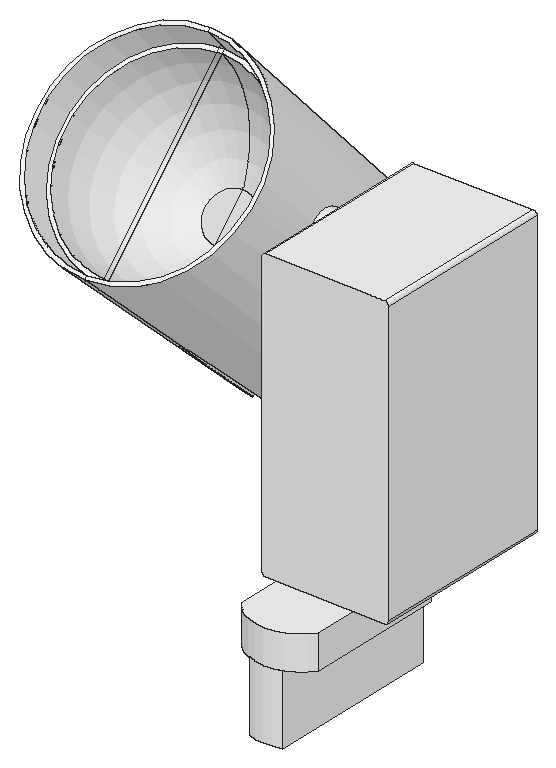
Revit family "0004931 Feilo Sylvania Lighting Fixture START TRACK SPOT S DALI 1359LM 940 MB WHT", category Lighting Fixtures, host Face, Revit 2017 (continued)
Definition of nested family "Start Track Spot Head"
  Types (96, lengths in mm): name | Wattage | built-in parameter 1150134 | Photometric Web File | Model | built-in parameter 1150105 | Lumens | built-in parameter 1150107 | built-in parameter 1150106 | HeadThickness_FEILO | HeadRibOffset_FEILO | HeadRibDepth_FEILO | HeadRibCutWidth_FEILO | HeadRibCutOffset_FEILO | HeadReflectorRadius_FEILO | HeadReflectorOffset_FEILO | HeadLEDRadius_FEILO | HeadHeight_FEILO | HeadDiffusorOffset_FEILO | HeadDiaOut_FEILO | HeadDiaIn_FEILO | HeadAxisFromTop_FEILO | Emit from Circle Diameter | built-in parameter 1150104 | Description | Apparent Load
    0004864 START TRACK SPOT S 24W 3K RA90 WB WHITE | 24 W | (empty or 0) | "0004864.ies" | "START TRACK SPOT S 24W 3K RA90 WB WHITE" | 152.79 (stored number, unit not read) | 1920 lm | 3000 (stored number, unit not read) | 1.5279 (stored number, unit not read) | 1.5 | 4.179 | 55.714 | 7.167 | 50.87 | 50.588 | 55.714 | 9.556 | 117 | 9.435 | 86 | 77.477 | 69.354 | 77.477 | 7.4322 (stored number, unit not read) | "Integrated LED spotlight, Textured White - RAL9016, compact and minimalist design, ideal for retail applications, die-cast aluminium body, passive cooling heatsink. Beam angle: 64°, color temperature: 3000K , total system power: 24W, total fixture output: 1928 lm, LOR: 100%, colour rendering: Ra: 90 typical, LED Chromaticity: 3 step MacAdam ellipse, lifetime: >50000 hours at L70B50, energy class: A++, A+, A, IR/UV free light source without heat radiation, operating voltage: 220-240V / 50-60Hz, drive current: 600mA, electronic driver, non-dimmable, power factor: 0.95, electrical protection: Class II, Global Track 3 Phase adapter suitable for Global trac 3-circuit tracks, ingress protection rating: IP20, suitable for internal environment only, horizontal rotation: 355°, vertical tilt: 90°, dimensions: Ø86x140x200, weight: 0.966kg." | 24 VA
    0004863 START TRACK SPOT S 24W 3K RA90 MB WHITE | 24 W | (empty or 0) | "0004863.ies" | "START TRACK SPOT S 24W 3K RA90 MB WHITE" | 154.7 (stored number, unit not read) | 1944 lm | 3000 (stored number, unit not read) | 1.547 (stored number, unit not read) | 1.5 | 4.179 | 55.714 | 7.167 | 50.87 | 50.588 | 55.714 | 9.556 | 117 | 9.435 | 86 | 77.477 | 69.354 | 77.477 | 7.5251 (stored number, unit not read) | "Integrated LED spotlight, Textured White - RAL9016, compact and minimalist design, ideal for retail applications, die-cast aluminium body, passive cooling heatsink. Beam angle: 36°, color temperature: 3000K , total system power: 24W, total fixture output: 1944 lm, LOR: 100%, colour rendering: Ra: 90 typical, LED Chromaticity: 3 step MacAdam ellipse, lifetime: >50000 hours at L70B50, energy class: A++, A+, A, IR/UV free light source without heat radiation, operating voltage: 220-240V / 50-60Hz, drive current: 600mA, electronic driver, non-dimmable, power factor: 0.95, electrical protection: Class II, Global Track 3 Phase adapter suitable for Global trac 3-circuit tracks, ingress protection rating: IP20, suitable for internal environment only, horizontal rotation: 355°, vertical tilt: 90°, dimensions: Ø86x140x200, weight: 0.966kg." | 24 VA
    0004862 START TRACK SPOT S 24W 3K RA90 NB WHITE | 24 W | (empty or 0) | "0004862.ies" | "START TRACK SPOT S 24W 3K RA90 NB WHITE" | 158.52 (stored number, unit not read) | 1992 lm | 3000 (stored number, unit not read) | 1.5852 (stored number, unit not read) | 1.5 | 4.179 | 55.714 | 7.167 | 50.87 | 50.588 | 55.714 | 9.556 | 117 | 9.435 | 86 | 77.477 | 69.354 | 77.477 | 7.711 (stored number, unit not read) | "Integrated LED spotlight, Textured White - RAL9016, compact and minimalist design, ideal for retail applications, die-cast aluminium body, passive cooling heatsink. Beam angle: 12°, color temperature: 3000K , total system power: 24W, total fixture output: 1987 lm, LOR: 100%, colour rendering: Ra: 90 typical, LED Chromaticity: 3 step MacAdam ellipse, lifetime: >50000 hours at L70B50, energy class: A++, A+, A, IR/UV free light source without heat radiation, operating voltage: 220-240V / 50-60Hz, drive current: 600mA, electronic driver, non-dimmable, power factor: 0.95, electrical protection: Class II, Global Track 3 Phase adapter suitable for Global trac 3-circuit tracks, ingress protection rating: IP20, suitable for internal environment only, horizontal rotation: 355°, vertical tilt: 90°, dimensions: Ø86x140x200, weight: 0.966kg." | 24 VA
    0004861 START TRACK SPOT S 14W 3K RA90 WB WHITE | 14 W | (empty or 0) | "0004861.ies" | "START TRACK SPOT S 14W 3K RA90 WB WHITE" | 100.27 (stored number, unit not read) | 1260 lm | 3000 (stored number, unit not read) | 1.0027 (stored number, unit not read) | 1.5 | 4.179 | 55.714 | 7.167 | 50.87 | 50.588 | 55.714 | 9.556 | 117 | 9.435 | 86 | 77.477 | 69.354 | 77.477 | 8.3613 (stored number, unit not read) | "Integrated LED spotlight, Textured White - RAL9016, compact and minimalist design, ideal for retail applications, die-cast aluminium body, passive cooling heatsink. Beam angle: 64°, color temperature: 3000K , total system power: 14W, total fixture output: 1262 lm, LOR: 100%, colour rendering: Ra: 90 typical, LED Chromaticity: 3 step MacAdam ellipse, lifetime: >50000 hours at L70B50, energy class: A++, A+, A, IR/UV free light source without heat radiation, operating voltage: 220-240V / 50-60Hz, drive current: 350mA, electronic driver, non-dimmable, power factor: 0.92, electrical protection: Class II, Global Track 3 Phase adapter suitable for Global trac 3-circuit tracks, ingress protection rating: IP20, suitable for internal environment only, horizontal rotation: 355°, vertical tilt: 90°, dimensions: Ø86x140x200, weight: 0.940kg." | 14 VA
    0004860 START TRACK SPOT S 14W 3K RA90 MB WHITE | 14 W | (empty or 0) | "0004860.ies" | "START TRACK SPOT S 14W 3K RA90 MB WHITE" | 100.27 (stored number, unit not read) | 1260 lm | 3000 (stored number, unit not read) | 1.0027 (stored number, unit not read) | 1.5 | 4.179 | 55.714 | 7.167 | 50.87 | 50.588 | 55.714 | 9.556 | 117 | 9.435 | 86 | 77.477 | 69.354 | 77.477 | 8.3613 (stored number, unit not read) | "Integrated LED spotlight, Textured White - RAL9016, compact and minimalist design, ideal for retail applications, die-cast aluminium body, passive cooling heatsink. Beam angle: 36°, color temperature: 3000K , total system power: 14W, total fixture output: 1262 lm, LOR: 100%, colour rendering: Ra: 90 typical, LED Chromaticity: 3 step MacAdam ellipse, lifetime: >50000 hours at L70B50, energy class: A++, A+, A, IR/UV free light source without heat radiation, operating voltage: 220-240V / 50-60Hz, drive current: 350mA, electronic driver, non-dimmable, power factor: 0.92, electrical protection: Class II, Global Track 3 Phase adapter suitable for Global trac 3-circuit tracks, ingress protection rating: IP20, suitable for internal environment only, horizontal rotation: 355°, vertical tilt: 90°, dimensions: Ø86x140x200, weight: 0.940kg." | 14 VA
    0004859 START TRACK SPOT S 14W 3K RA90 NB WHITE | 14 W | (empty or 0) | "0004859.ies" | "START TRACK SPOT S 14W 3K RA90 NB WHITE" | 102.5 (stored number, unit not read) | 1288 lm | 3000 (stored number, unit not read) | 1.025 (stored number, unit not read) | 1.5 | 4.179 | 55.714 | 7.167 | 50.87 | 50.588 | 55.714 | 9.556 | 117 | 9.435 | 86 | 77.477 | 69.354 | 77.477 | 8.5471 (stored number, unit not read) | "Integrated LED spotlight, Textured White - RAL9016, compact and minimalist design, ideal for retail applications, die-cast aluminium body, passive cooling heatsink. Beam angle: 12°, color temperature: 3000K , total system power: 14W, total fixture output: 1284 lm, LOR: 100%, colour rendering: Ra: 90 typical, LED Chromaticity: 3 step MacAdam ellipse, lifetime: >50000 hours at L70B50, energy class: A++, A+, A, IR/UV free light source without heat radiation, operating voltage: 220-240V / 50-60Hz, drive current: 350mA, electronic driver, non-dimmable, power factor: 0.92, electrical protection: Class II, Global Track 3 Phase adapter suitable for Global trac 3-circuit tracks, ingress protection rating: IP20, suitable for internal environment only, horizontal rotation: 355°, vertical tilt: 90°, dimensions: Ø86x140x200, weight: 0.940kg." | 14 VA
    0004858 START TRACK SPOT L 55W 4K RA80 WB BLACK | 55 W | 12 | "0004858.ies" | "START TRACK SPOT L 55W 4K RA80 WB BLACK" | 424.55 (stored number, unit not read) | 5335 lm | 4000 (stored number, unit not read) | 4.2455 (stored number, unit not read) | 2 | 4.429 | 59.048 | 9.417 | 53.913 | 66.471 | 59.048 | 12.556 | 124 | 10 | 113 | 101.802 | 73.503 | 101.802 | 9.0116 (stored number, unit not read) | "Integrated LED spotlight, Textured Black - RAL9005, compact and minimalist design, ideal for retail applications, die-cast aluminium body, passive cooling heatsink. Beam angle: 52°, color temperature: 4000K , total system power: 55W, total fixture output: 5320 lm, LOR: 100%, colour rendering: Ra: 80 typical, LED Chromaticity: 3 step MacAdam ellipse, lifetime: >50000 hours at L70B50, energy class: A++, A+, A, IR/UV free light source without heat radiation, operating voltage: 220-240V / 50-60Hz, drive current: 1400mA, electronic driver, non-dimmable, power factor: 0.96, electrical protection: Class II, Global Track 3 Phase adapter suitable for Global trac 3-circuit tracks, ingress protection rating: IP20, suitable for internal environment only, horizontal rotation: 355°, vertical tilt: 90°, dimensions: Ø113x164x240, weight: 1.398kg." | 55 VA
    0004857 START TRACK SPOT L 55W 4K RA80 MB BLACK | 55 W | 12 | "0004857.ies" | "START TRACK SPOT L 55W 4K RA80 MB BLACK" | 428.92 (stored number, unit not read) | 5390 lm | 4000 (stored number, unit not read) | 4.2892 (stored number, unit not read) | 2 | 4.429 | 59.048 | 9.417 | 53.913 | 66.471 | 59.048 | 12.556 | 124 | 10 | 113 | 101.802 | 73.503 | 101.802 | 9.1045 (stored number, unit not read) | "Integrated LED spotlight, Textured Black - RAL9005, compact and minimalist design, ideal for retail applications, die-cast aluminium body, passive cooling heatsink. Beam angle: 38°, color temperature: 4000K , total system power: 55W, total fixture output: 5378 lm, LOR: 100%, colour rendering: Ra: 80 typical, LED Chromaticity: 3 step MacAdam ellipse, lifetime: >50000 hours at L70B50, energy class: A++, A+, A, IR/UV free light source without heat radiation, operating voltage: 220-240V / 50-60Hz, drive current: 1400mA, electronic driver, non-dimmable, power factor: 0.96, electrical protection: Class II, Global Track 3 Phase adapter suitable for Global trac 3-circuit tracks, ingress protection rating: IP20, suitable for internal environment only, horizontal rotation: 355°, vertical tilt: 90°, dimensions: Ø113x164x240, weight: 1.398kg." | 55 VA
    0004856 START TRACK SPOT L 55W 4K RA80 NB BLACK | 55 W | 12 | "0004856.ies" | "START TRACK SPOT L 55W 4K RA80 NB BLACK" | 433.3 (stored number, unit not read) | 5445 lm | 4000 (stored number, unit not read) | 4.333 (stored number, unit not read) | 2 | 4.429 | 59.048 | 9.417 | 53.913 | 66.471 | 59.048 | 12.556 | 124 | 10 | 113 | 101.802 | 73.503 | 101.802 | 9.1974 (stored number, unit not read) | "Integrated LED spotlight, Textured Black - RAL9005, compact and minimalist design, ideal for retail applications, die-cast aluminium body, passive cooling heatsink. Beam angle: 15°, color temperature: 4000K , total system power: 55W, total fixture output: 5426 lm, LOR: 100%, colour rendering: Ra: 80 typical, LED Chromaticity: 3 step MacAdam ellipse, lifetime: >50000 hours at L70B50, energy class: A++, A+, A, IR/UV free light source without heat radiation, operating voltage: 220-240V / 50-60Hz, drive current: 1400mA, electronic driver, non-dimmable, power factor: 0.96, electrical protection: Class II, Global Track 3 Phase adapter suitable for Global trac 3-circuit tracks, ingress protection rating: IP20, suitable for internal environment only, horizontal rotation: 355°, vertical tilt: 90°, dimensions: Ø113x164x240, weight: 1.398kg." | 55 VA
    0004855 START TRACK SPOT L 35W 4K RA80 WB BLACK | 35 W | 12 | "0004855.ies" | "START TRACK SPOT L 35W 4K RA80 WB BLACK" | 320.3 (stored number, unit not read) | 4025 lm | 4000 (stored number, unit not read) | 3.203 (stored number, unit not read) | 2 | 4.429 | 59.048 | 9.417 | 53.913 | 66.471 | 59.048 | 12.556 | 124 | 10 | 113 | 101.802 | 73.503 | 101.802 | 10.684 (stored number, unit not read) | "Integrated LED spotlight, Textured Black - RAL9005, compact and minimalist design, ideal for retail applications, die-cast aluminium body, passive cooling heatsink. Beam angle: 52°, color temperature: 4000K , total system power: 35W, total fixture output: 4010 lm, LOR: 100%, colour rendering: Ra: 80 typical, LED Chromaticity: 3 step MacAdam ellipse, lifetime: >50000 hours at L70B50, energy class: A++, A+, A, IR/UV free light source without heat radiation, operating voltage: 220-240V / 50-60Hz, drive current: 900mA, electronic driver, non-dimmable, power factor: 0.93, electrical protection: Class II, Global Track 3 Phase adapter suitable for Global trac 3-circuit tracks, ingress protection rating: IP20, suitable for internal environment only, horizontal rotation: 355°, vertical tilt: 90°, dimensions: Ø113x164x240, weight: 1.368kg." | 35 VA
    0004854 START TRACK SPOT L 35W 4K RA80 MB BLACK | 35 W | 12 | "0004854.ies" | "START TRACK SPOT L 35W 4K RA80 MB BLACK" | 320.3 (stored number, unit not read) | 4025 lm | 4000 (stored number, unit not read) | 3.203 (stored number, unit not read) | 2 | 4.429 | 59.048 | 9.417 | 53.913 | 66.471 | 59.048 | 12.556 | 124 | 10 | 113 | 101.802 | 73.503 | 101.802 | 10.684 (stored number, unit not read) | "Integrated LED spotlight, Textured Black - RAL9005, compact and minimalist design, ideal for retail applications, die-cast aluminium body, passive cooling heatsink. Beam angle: 38°, color temperature: 4000K , total system power: 35W, total fixture output: 4017 lm, LOR: 100%, colour rendering: Ra: 80 typical, LED Chromaticity: 3 step MacAdam ellipse, lifetime: >50000 hours at L70B50, energy class: A++, A+, A, IR/UV free light source without heat radiation, operating voltage: 220-240V / 50-60Hz, drive current: 900mA, electronic driver, non-dimmable, power factor: 0.93, electrical protection: Class II, Global Track 3 Phase adapter suitable for Global trac 3-circuit tracks, ingress protection rating: IP20, suitable for internal environment only, horizontal rotation: 355°, vertical tilt: 90°, dimensions: Ø113x164x240, weight: 1.368kg." | 35 VA
    0004853 START TRACK SPOT L 35W 4K RA80 NB BLACK | 35 W | 12 | "0004853.ies" | "START TRACK SPOT L 35W 4K RA80 NB BLACK" | 331.44 (stored number, unit not read) | 4165 lm | 4000 (stored number, unit not read) | 3.3144 (stored number, unit not read) | 2 | 4.429 | 59.048 | 9.417 | 53.913 | 66.471 | 59.048 | 12.556 | 124 | 10 | 113 | 101.802 | 73.503 | 101.802 | 11.055 (stored number, unit not read) | "Integrated LED spotlight, Textured Black - RAL9005, compact and minimalist design, ideal for retail applications, die-cast aluminium body, passive cooling heatsink. Beam angle: 15°, color temperature: 4000K , total system power: 35W, total fixture output: 4174 lm, LOR: 100%, colour rendering: Ra: 80 typical, LED Chromaticity: 3 step MacAdam ellipse, lifetime: >50000 hours at L70B50, energy class: A++, A+, A, IR/UV free light source without heat radiation, operating voltage: 220-240V / 50-60Hz, drive current: 900mA, electronic driver, non-dimmable, power factor: 0.93, electrical protection: Class II, Global Track 3 Phase adapter suitable for Global trac 3-circuit tracks, ingress protection rating: IP20, suitable for internal environment only, horizontal rotation: 355°, vertical tilt: 90°, dimensions: Ø113x164x240, weight: 1.368kg." | 35 VA
    0004852 START TRACK SPOT S 24W 4K RA80 WB BLACK | 24 W | 12 | "0004852.ies" | "START TRACK SPOT S 24W 4K RA80 WB BLACK" | 196.72 (stored number, unit not read) | 2472 lm | 4000 (stored number, unit not read) | 1.9672 (stored number, unit not read) | 1.5 | 4.179 | 55.714 | 7.167 | 50.87 | 50.588 | 55.714 | 9.556 | 117 | 9.435 | 86 | 77.477 | 69.354 | 77.477 | 9.569 (stored number, unit not read) | "Integrated LED spotlight, Textured Black - RAL9005, compact and minimalist design, ideal for retail applications, die-cast aluminium body, passive cooling heatsink. Beam angle: 64°, color temperature: 4000K , total system power: 24W, total fixture output: 2476 lm, LOR: 100%, colour rendering: Ra: 80 typical, LED Chromaticity: 3 step MacAdam ellipse, lifetime: >50000 hours at L70B50, energy class: A++, A+, A, IR/UV free light source without heat radiation, operating voltage: 220-240V / 50-60Hz, drive current: 600mA, electronic driver, non-dimmable, power factor: 0.95, electrical protection: Class II, Global Track 3 Phase adapter suitable for Global trac 3-circuit tracks, ingress protection rating: IP20, suitable for internal environment only, horizontal rotation: 355°, vertical tilt: 90°, dimensions: Ø86x140x200, weight: 0.966kg." | 24 VA
    0004851 START TRACK SPOT S 24W 4K RA80 MB BLACK | 24 W | 12 | "0004851.ies" | "START TRACK SPOT S 24W 4K RA80 MB BLACK" | 198.63 (stored number, unit not read) | 2496 lm | 4000 (stored number, unit not read) | 1.9863 (stored number, unit not read) | 1.5 | 4.179 | 55.714 | 7.167 | 50.87 | 50.588 | 55.714 | 9.556 | 117 | 9.435 | 86 | 77.477 | 69.354 | 77.477 | 9.6619 (stored number, unit not read) | "Integrated LED spotlight, Textured Black - RAL9005, compact and minimalist design, ideal for retail applications, die-cast aluminium body, passive cooling heatsink. Beam angle: 36°, color temperature: 4000K , total system power: 24W, total fixture output: 2487 lm, LOR: 100%, colour rendering: Ra: 80 typical, LED Chromaticity: 3 step MacAdam ellipse, lifetime: >50000 hours at L70B50, energy class: A++, A+, A, IR/UV free light source without heat radiation, operating voltage: 220-240V / 50-60Hz, drive current: 600mA, electronic driver, non-dimmable, power factor: 0.95, electrical protection: Class II, Global Track 3 Phase adapter suitable for Global trac 3-circuit tracks, ingress protection rating: IP20, suitable for internal environment only, horizontal rotation: 355°, vertical tilt: 90°, dimensions: Ø86x140x200, weight: 0.966kg." | 24 VA
    0004850 START TRACK SPOT S 24W 4K RA80 NB BLACK | 24 W | 12 | "0004850.ies" | "START TRACK SPOT S 24W 4K RA80 NB BLACK" | 200.54 (stored number, unit not read) | 2520 lm | 4000 (stored number, unit not read) | 2.0054 (stored number, unit not read) | 1.5 | 4.179 | 55.714 | 7.167 | 50.87 | 50.588 | 55.714 | 9.556 | 117 | 9.435 | 86 | 77.477 | 69.354 | 77.477 | 9.7548 (stored number, unit not read) | "Integrated LED spotlight, Textured Black - RAL9005, compact and minimalist design, ideal for retail applications, die-cast aluminium body, passive cooling heatsink. Beam angle: 12°, color temperature: 4000K , total system power: 24W, total fixture output: 2529 lm, LOR: 100%, colour rendering: Ra: 80 typical, LED Chromaticity: 3 step MacAdam ellipse, lifetime: >50000 hours at L70B50, energy class: A++, A+, A, IR/UV free light source without heat radiation, operating voltage: 220-240V / 50-60Hz, drive current: 600mA, electronic driver, non-dimmable, power factor: 0.95, electrical protection: Class II, Global Track 3 Phase adapter suitable for Global trac 3-circuit tracks, ingress protection rating: IP20, suitable for internal environment only, horizontal rotation: 355°, vertical tilt: 90°, dimensions: Ø86x140x200, weight: 0.966kg." | 24 VA
    0004849 START TRACK SPOT S 14W 4K RA80 WB BLACK | 14 W | 12 | "0004849.ies" | "START TRACK SPOT S 14W 4K RA80 WB BLACK" | 123.66 (stored number, unit not read) | 1554 lm | 4000 (stored number, unit not read) | 1.2366 (stored number, unit not read) | 1.5 | 4.179 | 55.714 | 7.167 | 50.87 | 50.588 | 55.714 | 9.556 | 117 | 9.435 | 86 | 77.477 | 69.354 | 77.477 | 10.312 (stored number, unit not read) | "Integrated LED spotlight, Textured Black - RAL9005, compact and minimalist design, ideal for retail applications, die-cast aluminium body, passive cooling heatsink. Beam angle: 64°, color temperature: 4000K , total system power: 14W, total fixture output: 1558 lm, LOR: 100%, colour rendering: Ra: 80 typical, LED Chromaticity: 3 step MacAdam ellipse, lifetime: >50000 hours at L70B50, energy class: A++, A+, A, IR/UV free light source without heat radiation, operating voltage: 220-240V / 50-60Hz, drive current: 350mA, electronic driver, non-dimmable, power factor: 0.92, electrical protection: Class II, Global Track 3 Phase adapter suitable for Global trac 3-circuit tracks, ingress protection rating: IP20, suitable for internal environment only, horizontal rotation: 355°, vertical tilt: 90°, dimensions: Ø86x140x200, weight: 0.940kg." | 14 VA
    0004848 START TRACK SPOT S 14W 4K RA80 MB BLACK | 14 W | 12 | "0004848.ies" | "START TRACK SPOT S 14W 4K RA80 MB BLACK" | 127.01 (stored number, unit not read) | 1596 lm | 4000 (stored number, unit not read) | 1.2701 (stored number, unit not read) | 1.5 | 4.179 | 55.714 | 7.167 | 50.87 | 50.588 | 55.714 | 9.556 | 117 | 9.435 | 86 | 77.477 | 69.354 | 77.477 | 10.591 (stored number, unit not read) | "Integrated LED spotlight, Textured Black - RAL9005, compact and minimalist design, ideal for retail applications, die-cast aluminium body, passive cooling heatsink. Beam angle: 36°, color temperature: 4000K , total system power: 14W, total fixture output: 1598 lm, LOR: 100%, colour rendering: Ra: 80 typical, LED Chromaticity: 3 step MacAdam ellipse, lifetime: >50000 hours at L70B50, energy class: A++, A+, A, IR/UV free light source without heat radiation, operating voltage: 220-240V / 50-60Hz, drive current: 350mA, electronic driver, non-dimmable, power factor: 0.92, electrical protection: Class II, Global Track 3 Phase adapter suitable for Global trac 3-circuit tracks, ingress protection rating: IP20, suitable for internal environment only, horizontal rotation: 355°, vertical tilt: 90°, dimensions: Ø86x140x200, weight: 0.940kg." | 14 VA
    0004847 START TRACK SPOT S 14W 4K RA80 NB BLACK | 14 W | 12 | "0004847.ies" | "START TRACK SPOT S 14W 4K RA80 NB BLACK" | 128.12 (stored number, unit not read) | 1610 lm | 4000 (stored number, unit not read) | 1.2812 (stored number, unit not read) | 1.5 | 4.179 | 55.714 | 7.167 | 50.87 | 50.588 | 55.714 | 9.556 | 117 | 9.435 | 86 | 77.477 | 69.354 | 77.477 | 10.684 (stored number, unit not read) | "Integrated LED spotlight, Textured Black - RAL9005, compact and minimalist design, ideal for retail applications, die-cast aluminium body, passive cooling heatsink. Beam angle: 12°, color temperature: 4000K , total system power: 14W, total fixture output: 1608 lm, LOR: 100%, colour rendering: Ra: 80 typical, LED Chromaticity: 3 step MacAdam ellipse, lifetime: >50000 hours at L70B50, energy class: A++, A+, A, IR/UV free light source without heat radiation, operating voltage: 220-240V / 50-60Hz, drive current: 350mA, electronic driver, non-dimmable, power factor: 0.92, electrical protection: Class II, Global Track 3 Phase adapter suitable for Global trac 3-circuit tracks, ingress protection rating: IP20, suitable for internal environment only, horizontal rotation: 355°, vertical tilt: 90°, dimensions: Ø86x140x200, weight: 0.940kg." | 14 VA
    0004846 START TRACK SPOT L 55W 3K RA80 WB BLACK | 55 W | (empty or 0) | "0004846.ies" | "START TRACK SPOT L 55W 3K RA80 WB BLACK" | 420.17 (stored number, unit not read) | 5280 lm | 3000 (stored number, unit not read) | 4.2017 (stored number, unit not read) | 2 | 4.429 | 59.048 | 9.417 | 53.913 | 66.471 | 59.048 | 12.556 | 124 | 10 | 113 | 101.802 | 73.503 | 101.802 | 8.9187 (stored number, unit not read) | "Integrated LED spotlight, Textured Black - RAL9005, compact and minimalist design, ideal for retail applications, die-cast aluminium body, passive cooling heatsink. Beam angle: 52°, color temperature: 3000K , total system power: 55W, total fixture output: 5298 lm, LOR: 100%, colour rendering: Ra: 80 typical, LED Chromaticity: 3 step MacAdam ellipse, lifetime: >50000 hours at L70B50, energy class: A++, A+, A, IR/UV free light source without heat radiation, operating voltage: 220-240V / 50-60Hz, drive current: 1400mA, electronic driver, non-dimmable, power factor: 0.96, electrical protection: Class II, Global Track 3 Phase adapter suitable for Global trac 3-circuit tracks, ingress protection rating: IP20, suitable for internal environment only, horizontal rotation: 355°, vertical tilt: 90°, dimensions: Ø113x164x240, weight: 1.398kg." | 55 VA
    0004845 START TRACK SPOT L 55W 3K RA80 MB BLACK | 55 W | (empty or 0) | "0004845.ies" | "START TRACK SPOT L 55W 3K RA80 MB BLACK" | 428.92 (stored number, unit not read) | 5390 lm | 3000 (stored number, unit not read) | 4.2892 (stored number, unit not read) | 2 | 4.429 | 59.048 | 9.417 | 53.913 | 66.471 | 59.048 | 12.556 | 124 | 10 | 113 | 101.802 | 73.503 | 101.802 | 9.1045 (stored number, unit not read) | "Integrated LED spotlight, Textured Black - RAL9005, compact and minimalist design, ideal for retail applications, die-cast aluminium body, passive cooling heatsink. Beam angle: 38°, color temperature: 3000K , total system power: 55W, total fixture output: 5381 lm, LOR: 100%, colour rendering: Ra: 80 typical, LED Chromaticity: 3 step MacAdam ellipse, lifetime: >50000 hours at L70B50, energy class: A++, A+, A, IR/UV free light source without heat radiation, operating voltage: 220-240V / 50-60Hz, drive current: 1400mA, electronic driver, non-dimmable, power factor: 0.96, electrical protection: Class II, Global Track 3 Phase adapter suitable for Global trac 3-circuit tracks, ingress protection rating: IP20, suitable for internal environment only, horizontal rotation: 355°, vertical tilt: 90°, dimensions: Ø113x164x240, weight: 1.398kg." | 55 VA
    0004844 START TRACK SPOT L 55W 3K RA80 NB BLACK | 55 W | (empty or 0) | "0004844.ies" | "START TRACK SPOT L 55W 3K RA80 NB BLACK" | 433.3 (stored number, unit not read) | 5445 lm | 3000 (stored number, unit not read) | 4.333 (stored number, unit not read) | 2 | 4.429 | 59.048 | 9.417 | 53.913 | 66.471 | 59.048 | 12.556 | 124 | 10 | 113 | 101.802 | 73.503 | 101.802 | 9.1974 (stored number, unit not read) | "Integrated LED spotlight, Textured Black - RAL9005, compact and minimalist design, ideal for retail applications, die-cast aluminium body, passive cooling heatsink. Beam angle: 15°, color temperature: 3000K , total system power: 55W, total fixture output: 5449 lm, LOR: 100%, colour rendering: Ra: 80 typical, LED Chromaticity: 3 step MacAdam ellipse, lifetime: >50000 hours at L70B50, energy class: A++, A+, A, IR/UV free light source without heat radiation, operating voltage: 220-240V / 50-60Hz, drive current: 1400mA, electronic driver, non-dimmable, power factor: 0.96, electrical protection: Class II, Global Track 3 Phase adapter suitable for Global trac 3-circuit tracks, ingress protection rating: IP20, suitable for internal environment only, horizontal rotation: 355°, vertical tilt: 90°, dimensions: Ø113x164x240, weight: 1.398kg." | 55 VA
    0004843 START TRACK SPOT L 35W 3K RA80 WB BLACK | 35 W | (empty or 0) | "0004843.ies" | "START TRACK SPOT L 35W 3K RA80 WB BLACK" | 314.73 (stored number, unit not read) | 3955 lm | 3000 (stored number, unit not read) | 3.1473 (stored number, unit not read) | 2 | 4.429 | 59.048 | 9.417 | 53.913 | 66.471 | 59.048 | 12.556 | 124 | 10 | 113 | 101.802 | 73.503 | 101.802 | 10.498 (stored number, unit not read) | "Integrated LED spotlight, Textured Black - RAL9005, compact and minimalist design, ideal for retail applications, die-cast aluminium body, passive cooling heatsink. Beam angle: 52°, color temperature: 3000K , total system power: 35W, total fixture output: 3943 lm, LOR: 100%, colour rendering: Ra: 80 typical, LED Chromaticity: 3 step MacAdam ellipse, lifetime: >50000 hours at L70B50, energy class: A++, A+, A, IR/UV free light source without heat radiation, operating voltage: 220-240V / 50-60Hz, drive current: 900mA, electronic driver, non-dimmable, power factor: 0.93, electrical protection: Class II, Global Track 3 Phase adapter suitable for Global trac 3-circuit tracks, ingress protection rating: IP20, suitable for internal environment only, horizontal rotation: 355°, vertical tilt: 90°, dimensions: Ø113x164x240, weight: 1.368kg." | 35 VA
    0004842 START TRACK SPOT L 35W 3K RA80 MB BLACK | 35 W | (empty or 0) | "0004842.ies" | "START TRACK SPOT L 35W 3K RA80 MB BLACK" | 320.3 (stored number, unit not read) | 4025 lm | 3000 (stored number, unit not read) | 3.203 (stored number, unit not read) | 2 | 4.429 | 59.048 | 9.417 | 53.913 | 66.471 | 59.048 | 12.556 | 124 | 10 | 113 | 101.802 | 73.503 | 101.802 | 10.684 (stored number, unit not read) | "Integrated LED spotlight, Textured Black - RAL9005, compact and minimalist design, ideal for retail applications, die-cast aluminium body, passive cooling heatsink. Beam angle: 38°, color temperature: 3000K , total system power: 35W, total fixture output: 4008 lm, LOR: 100%, colour rendering: Ra: 80 typical, LED Chromaticity: 3 step MacAdam ellipse, lifetime: >50000 hours at L70B50, energy class: A++, A+, A, IR/UV free light source without heat radiation, operating voltage: 220-240V / 50-60Hz, drive current: 900mA, electronic driver, non-dimmable, power factor: 0.93, electrical protection: Class II, Global Track 3 Phase adapter suitable for Global trac 3-circuit tracks, ingress protection rating: IP20, suitable for internal environment only, horizontal rotation: 355°, vertical tilt: 90°, dimensions: Ø113x164x240, weight: 1.368kg." | 35 VA
    0004841 START TRACK SPOT L 35W 3K RA80 NB BLACK | 35 W | (empty or 0) | "0004841.ies" | "START TRACK SPOT L 35W 3K RA80 NB BLACK" | 317.51 (stored number, unit not read) | 3990 lm | 3000 (stored number, unit not read) | 3.1751 (stored number, unit not read) | 2 | 4.429 | 59.048 | 9.417 | 53.913 | 66.471 | 59.048 | 12.556 | 124 | 10 | 113 | 101.802 | 73.503 | 101.802 | 10.591 (stored number, unit not read) | "Integrated LED spotlight, Textured Black - RAL9005, compact and minimalist design, ideal for retail applications, die-cast aluminium body, passive cooling heatsink. Beam angle: 15°, color temperature: 3000K , total system power: 35W, total fixture output: 4005 lm, LOR: 100%, colour rendering: Ra: 80 typical, LED Chromaticity: 3 step MacAdam ellipse, lifetime: >50000 hours at L70B50, energy class: A++, A+, A, IR/UV free light source without heat radiation, operating voltage: 220-240V / 50-60Hz, drive current: 900mA, electronic driver, non-dimmable, power factor: 0.93, electrical protection: Class II, Global Track 3 Phase adapter suitable for Global trac 3-circuit tracks, ingress protection rating: IP20, suitable for internal environment only, horizontal rotation: 355°, vertical tilt: 90°, dimensions: Ø113x164x240, weight: 1.368kg." | 35 VA
    0004840 START TRACK SPOT S 24W 3K RA80 WB BLACK | 24 W | (empty or 0) | "0004840.ies" | "START TRACK SPOT S 24W 3K RA80 WB BLACK" | 185.26 (stored number, unit not read) | 2328 lm | 3000 (stored number, unit not read) | 1.8526 (stored number, unit not read) | 1.5 | 4.179 | 55.714 | 7.167 | 50.87 | 50.588 | 55.714 | 9.556 | 117 | 9.435 | 86 | 77.477 | 69.354 | 77.477 | 9.0116 (stored number, unit not read) | "Integrated LED spotlight, Textured Black - RAL9005, compact and minimalist design, ideal for retail applications, die-cast aluminium body, passive cooling heatsink. Beam angle: 64°, color temperature: 3000K , total system power: 24W, total fixture output: 2318 lm, LOR: 100%, colour rendering: Ra: 80 typical, LED Chromaticity: 3 step MacAdam ellipse, lifetime: >50000 hours at L70B50, energy class: A++, A+, A, IR/UV free light source without heat radiation, operating voltage: 220-240V / 50-60Hz, drive current: 600mA, electronic driver, non-dimmable, power factor: 0.95, electrical protection: Class II, Global Track 3 Phase adapter suitable for Global trac 3-circuit tracks, ingress protection rating: IP20, suitable for internal environment only, horizontal rotation: 355°, vertical tilt: 90°, dimensions: Ø86x140x200, weight: 0.966kg." | 24 VA
    0004839 START TRACK SPOT S 24W 3K RA80 MB BLACK | 24 W | (empty or 0) | "0004839.ies" | "START TRACK SPOT S 24W 3K RA80 MB BLACK" | 183.35 (stored number, unit not read) | 2304 lm | 3000 (stored number, unit not read) | 1.8335 (stored number, unit not read) | 1.5 | 4.179 | 55.714 | 7.167 | 50.87 | 50.588 | 55.714 | 9.556 | 117 | 9.435 | 86 | 77.477 | 69.354 | 77.477 | 8.9187 (stored number, unit not read) | "Integrated LED spotlight, Textured Black - RAL9005, compact and minimalist design, ideal for retail applications, die-cast aluminium body, passive cooling heatsink. Beam angle: 36°, color temperature: 3000K , total system power: 24W, total fixture output: 2314 lm, LOR: 100%, colour rendering: Ra: 80 typical, LED Chromaticity: 3 step MacAdam ellipse, lifetime: >50000 hours at L70B50, energy class: A++, A+, A, IR/UV free light source without heat radiation, operating voltage: 220-240V / 50-60Hz, drive current: 600mA, electronic driver, non-dimmable, power factor: 0.95, electrical protection: Class II, Global Track 3 Phase adapter suitable for Global trac 3-circuit tracks, ingress protection rating: IP20, suitable for internal environment only, horizontal rotation: 355°, vertical tilt: 90°, dimensions: Ø86x140x200, weight: 0.966kg." | 24 VA
    0004838 START TRACK SPOT S 24W 3K RA80 NB BLACK | 24 W | (empty or 0) | "0004838.ies" | "START TRACK SPOT S 24W 3K RA80 NB BLACK" | 185.26 (stored number, unit not read) | 2328 lm | 3000 (stored number, unit not read) | 1.8526 (stored number, unit not read) | 1.5 | 4.179 | 55.714 | 7.167 | 50.87 | 50.588 | 55.714 | 9.556 | 117 | 9.435 | 86 | 77.477 | 69.354 | 77.477 | 9.0116 (stored number, unit not read) | "Integrated LED spotlight, Textured Black - RAL9005, compact and minimalist design, ideal for retail applications, die-cast aluminium body, passive cooling heatsink. Beam angle: 12°, color temperature: 3000K , total system power: 24W, total fixture output: 2334 lm, LOR: 100%, colour rendering: Ra: 80 typical, LED Chromaticity: 3 step MacAdam ellipse, lifetime: >50000 hours at L70B50, energy class: A++, A+, A, IR/UV free light source without heat radiation, operating voltage: 220-240V / 50-60Hz, drive current: 600mA, electronic driver, non-dimmable, power factor: 0.95, electrical protection: Class II, Global Track 3 Phase adapter suitable for Global trac 3-circuit tracks, ingress protection rating: IP20, suitable for internal environment only, horizontal rotation: 355°, vertical tilt: 90°, dimensions: Ø86x140x200, weight: 0.966kg." | 24 VA
    0004837 START TRACK SPOT S 14W 3K RA80 WB BLACK | 14 W | (empty or 0) | "0004837.ies" | "START TRACK SPOT S 14W 3K RA80 WB BLACK" | 119.21 (stored number, unit not read) | 1498 lm | 3000 (stored number, unit not read) | 1.1921 (stored number, unit not read) | 1.5 | 4.179 | 55.714 | 7.167 | 50.87 | 50.588 | 55.714 | 9.556 | 117 | 9.435 | 86 | 77.477 | 69.354 | 77.477 | 9.9406 (stored number, unit not read) | "Integrated LED spotlight, Textured Black - RAL9005, compact and minimalist design, ideal for retail applications, die-cast aluminium body, passive cooling heatsink. Beam angle: 64°, color temperature: 3000K , total system power: 14W, total fixture output: 1498 lm, LOR: 100%, colour rendering: Ra: 80 typical, LED Chromaticity: 3 step MacAdam ellipse, lifetime: >50000 hours at L70B50, energy class: A++, A+, A, IR/UV free light source without heat radiation, operating voltage: 220-240V / 50-60Hz, drive current: 350mA, electronic driver, non-dimmable, power factor: 0.92, electrical protection: Class II, Global Track 3 Phase adapter suitable for Global trac 3-circuit tracks, ingress protection rating: IP20, suitable for internal environment only, horizontal rotation: 355°, vertical tilt: 90°, dimensions: Ø86x140x200, weight: 0.940kg." | 14 VA
    0004836 START TRACK SPOT S 14W 3K RA80 MB BLACK | 14 W | (empty or 0) | "0004836.ies" | "START TRACK SPOT S 14W 3K RA80 MB BLACK" | 120.32 (stored number, unit not read) | 1512 lm | 3000 (stored number, unit not read) | 1.2032 (stored number, unit not read) | 1.5 | 4.179 | 55.714 | 7.167 | 50.87 | 50.588 | 55.714 | 9.556 | 117 | 9.435 | 86 | 77.477 | 69.354 | 77.477 | 10.034 (stored number, unit not read) | "Integrated LED spotlight, Textured Black - RAL9005, compact and minimalist design, ideal for retail applications, die-cast aluminium body, passive cooling heatsink. Beam angle: 36°, color temperature: 3000K , total system power: 14W, total fixture output: 1508 lm, LOR: 100%, colour rendering: Ra: 80 typical, LED Chromaticity: 3 step MacAdam ellipse, lifetime: >50000 hours at L70B50, energy class: A++, A+, A, IR/UV free light source without heat radiation, operating voltage: 220-240V / 50-60Hz, drive current: 350mA, electronic driver, non-dimmable, power factor: 0.92, electrical protection: Class II, Global Track 3 Phase adapter suitable for Global trac 3-circuit tracks, ingress protection rating: IP20, suitable for internal environment only, horizontal rotation: 355°, vertical tilt: 90°, dimensions: Ø86x140x200, weight: 0.940kg." | 14 VA
    0004835 START TRACK SPOT S 14W 3K RA80 NB BLACK | 14 W | (empty or 0) | "0004835.ies" | "START TRACK SPOT S 14W 3K RA80 NB BLACK" | 123.66 (stored number, unit not read) | 1554 lm | 3000 (stored number, unit not read) | 1.2366 (stored number, unit not read) | 1.5 | 4.179 | 55.714 | 7.167 | 50.87 | 50.588 | 55.714 | 9.556 | 117 | 9.435 | 86 | 77.477 | 69.354 | 77.477 | 10.312 (stored number, unit not read) | "Integrated LED spotlight, Textured Black - RAL9005, compact and minimalist design, ideal for retail applications, die-cast aluminium body, passive cooling heatsink. Beam angle: 12°, color temperature: 3000K , total system power: 14W, total fixture output: 1551 lm, LOR: 100%, colour rendering: Ra: 80 typical, LED Chromaticity: 3 step MacAdam ellipse, lifetime: >50000 hours at L70B50, energy class: A++, A+, A, IR/UV free light source without heat radiation, operating voltage: 220-240V / 50-60Hz, drive current: 350mA, electronic driver, non-dimmable, power factor: 0.92, electrical protection: Class II, Global Track 3 Phase adapter suitable for Global trac 3-circuit tracks, ingress protection rating: IP20, suitable for internal environment only, horizontal rotation: 355°, vertical tilt: 90°, dimensions: Ø86x140x200, weight: 0.940kg." | 14 VA
    0004834 START TRACK SPOT L 55W 4K RA80 WB WHITE | 55 W | 12 | "0004834.ies" | "START TRACK SPOT L 55W 4K RA80 WB WHITE" | 424.55 (stored number, unit not read) | 5335 lm | 4000 (stored number, unit not read) | 4.2455 (stored number, unit not read) | 2 | 4.429 | 59.048 | 9.417 | 53.913 | 66.471 | 59.048 | 12.556 | 124 | 10 | 113 | 101.802 | 73.503 | 101.802 | 9.0116 (stored number, unit not read) | "Integrated LED spotlight, Textured White - RAL9016, compact and minimalist design, ideal for retail applications, die-cast aluminium body, passive cooling heatsink. Beam angle: 52°, color temperature: 4000K , total system power: 55W, total fixture output: 5320 lm, LOR: 100%, colour rendering: Ra: 80 typical, LED Chromaticity: 3 step MacAdam ellipse, lifetime: >50000 hours at L70B50, energy class: A++, A+, A, IR/UV free light source without heat radiation, operating voltage: 220-240V / 50-60Hz, drive current: 1400mA, electronic driver, non-dimmable, power factor: 0.96, electrical protection: Class II, Global Track 3 Phase adapter suitable for Global trac 3-circuit tracks, ingress protection rating: IP20, suitable for internal environment only, horizontal rotation: 355°, vertical tilt: 90°, dimensions: Ø113x164x240, weight: 1.398kg." | 55 VA
    0004833 START TRACK SPOT L 55W 4K RA80 MB WHITE | 55 W | 12 | "0004833.ies" | "START TRACK SPOT L 55W 4K RA80 MB WHITE" | 428.92 (stored number, unit not read) | 5390 lm | 4000 (stored number, unit not read) | 4.2892 (stored number, unit not read) | 2 | 4.429 | 59.048 | 9.417 | 53.913 | 66.471 | 59.048 | 12.556 | 124 | 10 | 113 | 101.802 | 73.503 | 101.802 | 9.1045 (stored number, unit not read) | "Integrated LED spotlight, Textured White - RAL9016, compact and minimalist design, ideal for retail applications, die-cast aluminium body, passive cooling heatsink. Beam angle: 38°, color temperature: 4000K , total system power: 55W, total fixture output: 5378 lm, LOR: 100%, colour rendering: Ra: 80 typical, LED Chromaticity: 3 step MacAdam ellipse, lifetime: >50000 hours at L70B50, energy class: A++, A+, A, IR/UV free light source without heat radiation, operating voltage: 220-240V / 50-60Hz, drive current: 1400mA, electronic driver, non-dimmable, power factor: 0.96, electrical protection: Class II, Global Track 3 Phase adapter suitable for Global trac 3-circuit tracks, ingress protection rating: IP20, suitable for internal environment only, horizontal rotation: 355°, vertical tilt: 90°, dimensions: Ø113x164x240, weight: 1.398kg." | 55 VA
    0004832 START TRACK SPOT L 55W 4K RA80 NB WHITE | 55 W | 12 | "0004832.ies" | "START TRACK SPOT L 55W 4K RA80 NB WHITE" | 433.3 (stored number, unit not read) | 5445 lm | 4000 (stored number, unit not read) | 4.333 (stored number, unit not read) | 2 | 4.429 | 59.048 | 9.417 | 53.913 | 66.471 | 59.048 | 12.556 | 124 | 10 | 113 | 101.802 | 73.503 | 101.802 | 9.1974 (stored number, unit not read) | "Integrated LED spotlight, Textured White - RAL9016, compact and minimalist design, ideal for retail applications, die-cast aluminium body, passive cooling heatsink. Beam angle: 15°, color temperature: 4000K , total system power: 55W, total fixture output: 5426 lm, LOR: 100%, colour rendering: Ra: 80 typical, LED Chromaticity: 3 step MacAdam ellipse, lifetime: >50000 hours at L70B50, energy class: A++, A+, A, IR/UV free light source without heat radiation, operating voltage: 220-240V / 50-60Hz, drive current: 1400mA, electronic driver, non-dimmable, power factor: 0.96, electrical protection: Class II, Global Track 3 Phase adapter suitable for Global trac 3-circuit tracks, ingress protection rating: IP20, suitable for internal environment only, horizontal rotation: 355°, vertical tilt: 90°, dimensions: Ø113x164x240, weight: 1.398kg." | 55 VA
    0004831 START TRACK SPOT L 35W 4K RA80 WB WHITE | 35 W | 12 | "0004831.ies" | "START TRACK SPOT L 35W 4K RA80 WB WHITE" | 320.3 (stored number, unit not read) | 4025 lm | 4000 (stored number, unit not read) | 3.203 (stored number, unit not read) | 2 | 4.429 | 59.048 | 9.417 | 53.913 | 66.471 | 59.048 | 12.556 | 124 | 10 | 113 | 101.802 | 73.503 | 101.802 | 10.684 (stored number, unit not read) | "Integrated LED spotlight, Textured White - RAL9016, compact and minimalist design, ideal for retail applications, die-cast aluminium body, passive cooling heatsink. Beam angle: 52°, color temperature: 4000K , total system power: 35W, total fixture output: 4010 lm, LOR: 100%, colour rendering: Ra: 80 typical, LED Chromaticity: 3 step MacAdam ellipse, lifetime: >50000 hours at L70B50, energy class: A++, A+, A, IR/UV free light source without heat radiation, operating voltage: 220-240V / 50-60Hz, drive current: 900mA, electronic driver, non-dimmable, power factor: 0.93, electrical protection: Class II, Global Track 3 Phase adapter suitable for Global trac 3-circuit tracks, ingress protection rating: IP20, suitable for internal environment only, horizontal rotation: 355°, vertical tilt: 90°, dimensions: Ø113x164x240, weight: 1.368kg." | 35 VA
    0004830 START TRACK SPOT L 35W 4K RA80 MB WHITE | 35 W | 12 | "0004830.ies" | "START TRACK SPOT L 35W 4K RA80 MB WHITE" | 320.3 (stored number, unit not read) | 4025 lm | 4000 (stored number, unit not read) | 3.203 (stored number, unit not read) | 2 | 4.429 | 59.048 | 9.417 | 53.913 | 66.471 | 59.048 | 12.556 | 124 | 10 | 113 | 101.802 | 73.503 | 101.802 | 10.684 (stored number, unit not read) | "Integrated LED spotlight, Textured White - RAL9016, compact and minimalist design, ideal for retail applications, die-cast aluminium body, passive cooling heatsink. Beam angle: 38°, color temperature: 4000K , total system power: 35W, total fixture output: 4017 lm, LOR: 100%, colour rendering: Ra: 80 typical, LED Chromaticity: 3 step MacAdam ellipse, lifetime: >50000 hours at L70B50, energy class: A++, A+, A, IR/UV free light source without heat radiation, operating voltage: 220-240V / 50-60Hz, drive current: 900mA, electronic driver, non-dimmable, power factor: 0.93, electrical protection: Class II, Global Track 3 Phase adapter suitable for Global trac 3-circuit tracks, ingress protection rating: IP20, suitable for internal environment only, horizontal rotation: 355°, vertical tilt: 90°, dimensions: Ø113x164x240, weight: 1.368kg." | 35 VA
    0004829 START TRACK SPOT L 35W 4K RA80 NB WHITE | 35 W | 12 | "0004829.ies" | "START TRACK SPOT L 35W 4K RA80 NB WHITE" | 331.44 (stored number, unit not read) | 4165 lm | 4000 (stored number, unit not read) | 3.3144 (stored number, unit not read) | 2 | 4.429 | 59.048 | 9.417 | 53.913 | 66.471 | 59.048 | 12.556 | 124 | 10 | 113 | 101.802 | 73.503 | 101.802 | 11.055 (stored number, unit not read) | "Integrated LED spotlight, Textured White - RAL9016, compact and minimalist design, ideal for retail applications, die-cast aluminium body, passive cooling heatsink. Beam angle: 15°, color temperature: 4000K , total system power: 35W, total fixture output: 4174 lm, LOR: 100%, colour rendering: Ra: 80 typical, LED Chromaticity: 3 step MacAdam ellipse, lifetime: >50000 hours at L70B50, energy class: A++, A+, A, IR/UV free light source without heat radiation, operating voltage: 220-240V / 50-60Hz, drive current: 900mA, electronic driver, non-dimmable, power factor: 0.93, electrical protection: Class II, Global Track 3 Phase adapter suitable for Global trac 3-circuit tracks, ingress protection rating: IP20, suitable for internal environment only, horizontal rotation: 355°, vertical tilt: 90°, dimensions: Ø113x164x240, weight: 1.368kg." | 35 VA
    0004828 START TRACK SPOT S 24W 4K RA80 WB WHITE | 24 W | 12 | "0004828.ies" | "START TRACK SPOT S 24W 4K RA80 WB WHITE" | 196.72 (stored number, unit not read) | 2472 lm | 4000 (stored number, unit not read) | 1.9672 (stored number, unit not read) | 1.5 | 4.179 | 55.714 | 7.167 | 50.87 | 50.588 | 55.714 | 9.556 | 117 | 9.435 | 86 | 77.477 | 69.354 | 77.477 | 9.569 (stored number, unit not read) | "Integrated LED spotlight, Textured White - RAL9016, compact and minimalist design, ideal for retail applications, die-cast aluminium body, passive cooling heatsink. Beam angle: 64°, color temperature: 4000K , total system power: 24W, total fixture output: 2476 lm, LOR: 100%, colour rendering: Ra: 80 typical, LED Chromaticity: 3 step MacAdam ellipse, lifetime: >50000 hours at L70B50, energy class: A++, A+, A, IR/UV free light source without heat radiation, operating voltage: 220-240V / 50-60Hz, drive current: 600mA, electronic driver, non-dimmable, power factor: 0.95, electrical protection: Class II, Global Track 3 Phase adapter suitable for Global trac 3-circuit tracks, ingress protection rating: IP20, suitable for internal environment only, horizontal rotation: 355°, vertical tilt: 90°, dimensions: Ø86x140x200, weight: 0.966kg." | 24 VA
    0004827 START TRACK SPOT S 24W 4K RA80 MB WHITE | 24 W | 12 | "0004827.ies" | "START TRACK SPOT S 24W 4K RA80 MB WHITE" | 198.63 (stored number, unit not read) | 2496 lm | 4000 (stored number, unit not read) | 1.9863 (stored number, unit not read) | 1.5 | 4.179 | 55.714 | 7.167 | 50.87 | 50.588 | 55.714 | 9.556 | 117 | 9.435 | 86 | 77.477 | 69.354 | 77.477 | 9.6619 (stored number, unit not read) | "Integrated LED spotlight, Textured White - RAL9016, compact and minimalist design, ideal for retail applications, die-cast aluminium body, passive cooling heatsink. Beam angle: 36°, color temperature: 4000K , total system power: 24W, total fixture output: 2487 lm, LOR: 100%, colour rendering: Ra: 80 typical, LED Chromaticity: 3 step MacAdam ellipse, lifetime: >50000 hours at L70B50, energy class: A++, A+, A, IR/UV free light source without heat radiation, operating voltage: 220-240V / 50-60Hz, drive current: 600mA, electronic driver, non-dimmable, power factor: 0.95, electrical protection: Class II, Global Track 3 Phase adapter suitable for Global trac 3-circuit tracks, ingress protection rating: IP20, suitable for internal environment only, horizontal rotation: 355°, vertical tilt: 90°, dimensions: Ø86x140x200, weight: 0.966kg." | 24 VA
    0004826 START TRACK SPOT S 24W 4K RA80 NB WHITE | 24 W | 12 | "0004826.ies" | "START TRACK SPOT S 24W 4K RA80 NB WHITE" | 200.54 (stored number, unit not read) | 2520 lm | 4000 (stored number, unit not read) | 2.0054 (stored number, unit not read) | 1.5 | 4.179 | 55.714 | 7.167 | 50.87 | 50.588 | 55.714 | 9.556 | 117 | 9.435 | 86 | 77.477 | 69.354 | 77.477 | 9.7548 (stored number, unit not read) | "Integrated LED spotlight, Textured White - RAL9016, compact and minimalist design, ideal for retail applications, die-cast aluminium body, passive cooling heatsink. Beam angle: 12°, color temperature: 4000K , total system power: 24W, total fixture output: 2529 lm, LOR: 100%, colour rendering: Ra: 80 typical, LED Chromaticity: 3 step MacAdam ellipse, lifetime: >50000 hours at L70B50, energy class: A++, A+, A, IR/UV free light source without heat radiation, operating voltage: 220-240V / 50-60Hz, drive current: 600mA, electronic driver, non-dimmable, power factor: 0.95, electrical protection: Class II, Global Track 3 Phase adapter suitable for Global trac 3-circuit tracks, ingress protection rating: IP20, suitable for internal environment only, horizontal rotation: 355°, vertical tilt: 90°, dimensions: Ø86x140x200, weight: 0.966kg." | 24 VA
    0004825 START TRACK SPOT S 14W 4K RA80 WB WHITE | 14 W | 12 | "0004825.ies" | "START TRACK SPOT S 14W 4K RA80 WB WHITE" | 123.66 (stored number, unit not read) | 1554 lm | 4000 (stored number, unit not read) | 1.2366 (stored number, unit not read) | 1.5 | 4.179 | 55.714 | 7.167 | 50.87 | 50.588 | 55.714 | 9.556 | 117 | 9.435 | 86 | 77.477 | 69.354 | 77.477 | 10.312 (stored number, unit not read) | "Integrated LED spotlight, Textured White - RAL9016, compact and minimalist design, ideal for retail applications, die-cast aluminium body, passive cooling heatsink. Beam angle: 64°, color temperature: 4000K , total system power: 14W, total fixture output: 1558 lm, LOR: 100%, colour rendering: Ra: 80 typical, LED Chromaticity: 3 step MacAdam ellipse, lifetime: >50000 hours at L70B50, energy class: A++, A+, A, IR/UV free light source without heat radiation, operating voltage: 220-240V / 50-60Hz, drive current: 350mA, electronic driver, non-dimmable, power factor: 0.92, electrical protection: Class II, Global Track 3 Phase adapter suitable for Global trac 3-circuit tracks, ingress protection rating: IP20, suitable for internal environment only, horizontal rotation: 355°, vertical tilt: 90°, dimensions: Ø86x140x200, weight: 0.940kg." | 14 VA
    0004824 START TRACK SPOT S 14W 4K RA80 MB WHITE | 14 W | 12 | "0004824.ies" | "START TRACK SPOT S 14W 4K RA80 MB WHITE" | 127.01 (stored number, unit not read) | 1596 lm | 4000 (stored number, unit not read) | 1.2701 (stored number, unit not read) | 1.5 | 4.179 | 55.714 | 7.167 | 50.87 | 50.588 | 55.714 | 9.556 | 117 | 9.435 | 86 | 77.477 | 69.354 | 77.477 | 10.591 (stored number, unit not read) | "Integrated LED spotlight, Textured White - RAL9016, compact and minimalist design, ideal for retail applications, die-cast aluminium body, passive cooling heatsink. Beam angle: 36°, color temperature: 4000K , total system power: 14W, total fixture output: 1598 lm, LOR: 100%, colour rendering: Ra: 80 typical, LED Chromaticity: 3 step MacAdam ellipse, lifetime: >50000 hours at L70B50, energy class: A++, A+, A, IR/UV free light source without heat radiation, operating voltage: 220-240V / 50-60Hz, drive current: 350mA, electronic driver, non-dimmable, power factor: 0.92, electrical protection: Class II, Global Track 3 Phase adapter suitable for Global trac 3-circuit tracks, ingress protection rating: IP20, suitable for internal environment only, horizontal rotation: 355°, vertical tilt: 90°, dimensions: Ø86x140x200, weight: 0.940kg." | 14 VA
    0004823 START TRACK SPOT S 14W 4K RA80 NB WHITE | 14 W | 12 | "0004823.ies" | "START TRACK SPOT S 14W 4K RA80 NB WHITE" | 128.12 (stored number, unit not read) | 1610 lm | 4000 (stored number, unit not read) | 1.2812 (stored number, unit not read) | 1.5 | 4.179 | 55.714 | 7.167 | 50.87 | 50.588 | 55.714 | 9.556 | 117 | 9.435 | 86 | 77.477 | 69.354 | 77.477 | 10.684 (stored number, unit not read) | "Integrated LED spotlight, Textured White - RAL9016, compact and minimalist design, ideal for retail applications, die-cast aluminium body, passive cooling heatsink. Beam angle: 12°, color temperature: 4000K , total system power: 14W, total fixture output: 1608 lm, LOR: 100%, colour rendering: Ra: 80 typical, LED Chromaticity: 3 step MacAdam ellipse, lifetime: >50000 hours at L70B50, energy class: A++, A+, A, IR/UV free light source without heat radiation, operating voltage: 220-240V / 50-60Hz, drive current: 350mA, electronic driver, non-dimmable, power factor: 0.92, electrical protection: Class II, Global Track 3 Phase adapter suitable for Global trac 3-circuit tracks, ingress protection rating: IP20, suitable for internal environment only, horizontal rotation: 355°, vertical tilt: 90°, dimensions: Ø86x140x200, weight: 0.940kg." | 14 VA
    0004822 START TRACK SPOT L 55W 3K RA80 WB WHITE | 55 W | (empty or 0) | "0004822.ies" | "START TRACK SPOT L 55W 3K RA80 WB WHITE" | 420.17 (stored number, unit not read) | 5280 lm | 3000 (stored number, unit not read) | 4.2017 (stored number, unit not read) | 2 | 4.429 | 59.048 | 9.417 | 53.913 | 66.471 | 59.048 | 12.556 | 124 | 10 | 113 | 101.802 | 73.503 | 101.802 | 8.9187 (stored number, unit not read) | "Integrated LED spotlight, Textured White - RAL9016, compact and minimalist design, ideal for retail applications, die-cast aluminium body, passive cooling heatsink. Beam angle: 52°, color temperature: 3000K , total system power: 55W, total fixture output: 5298 lm, LOR: 100%, colour rendering: Ra: 80 typical, LED Chromaticity: 3 step MacAdam ellipse, lifetime: >50000 hours at L70B50, energy class: A++, A+, A, IR/UV free light source without heat radiation, operating voltage: 220-240V / 50-60Hz, drive current: 1400mA, electronic driver, non-dimmable, power factor: 0.96, electrical protection: Class II, Global Track 3 Phase adapter suitable for Global trac 3-circuit tracks, ingress protection rating: IP20, suitable for internal environment only, horizontal rotation: 355°, vertical tilt: 90°, dimensions: Ø113x164x240, weight: 1.398kg." | 55 VA
    0004821 START TRACK SPOT L 55W 3K RA80 MB WHITE | 55 W | (empty or 0) | "0004821.ies" | "START TRACK SPOT L 55W 3K RA80 MB WHITE" | 428.92 (stored number, unit not read) | 5390 lm | 3000 (stored number, unit not read) | 4.2892 (stored number, unit not read) | 2 | 4.429 | 59.048 | 9.417 | 53.913 | 66.471 | 59.048 | 12.556 | 124 | 10 | 113 | 101.802 | 73.503 | 101.802 | 9.1045 (stored number, unit not read) | "Integrated LED spotlight, Textured White - RAL9016, compact and minimalist design, ideal for retail applications, die-cast aluminium body, passive cooling heatsink. Beam angle: 38°, color temperature: 3000K , total system power: 55W, total fixture output: 5381 lm, LOR: 100%, colour rendering: Ra: 80 typical, LED Chromaticity: 3 step MacAdam ellipse, lifetime: >50000 hours at L70B50, energy class: A++, A+, A, IR/UV free light source without heat radiation, operating voltage: 220-240V / 50-60Hz, drive current: 1400mA, electronic driver, non-dimmable, power factor: 0.96, electrical protection: Class II, Global Track 3 Phase adapter suitable for Global trac 3-circuit tracks, ingress protection rating: IP20, suitable for internal environment only, horizontal rotation: 355°, vertical tilt: 90°, dimensions: Ø113x164x240, weight: 1.398kg." | 55 VA
    0004820 START TRACK SPOT L 55W 3K RA80 NB WHITE | 55 W | (empty or 0) | "0004820.ies" | "START TRACK SPOT L 55W 3K RA80 NB WHITE" | 433.3 (stored number, unit not read) | 5445 lm | 3000 (stored number, unit not read) | 4.333 (stored number, unit not read) | 2 | 4.429 | 59.048 | 9.417 | 53.913 | 66.471 | 59.048 | 12.556 | 124 | 10 | 113 | 101.802 | 73.503 | 101.802 | 9.1974 (stored number, unit not read) | "Integrated LED spotlight, Textured White - RAL9016, compact and minimalist design, ideal for retail applications, die-cast aluminium body, passive cooling heatsink. Beam angle: 15°, color temperature: 3000K , total system power: 55W, total fixture output: 5449 lm, LOR: 100%, colour rendering: Ra: 80 typical, LED Chromaticity: 3 step MacAdam ellipse, lifetime: >50000 hours at L70B50, energy class: A++, A+, A, IR/UV free light source without heat radiation, operating voltage: 220-240V / 50-60Hz, drive current: 1400mA, electronic driver, non-dimmable, power factor: 0.96, electrical protection: Class II, Global Track 3 Phase adapter suitable for Global trac 3-circuit tracks, ingress protection rating: IP20, suitable for internal environment only, horizontal rotation: 355°, vertical tilt: 90°, dimensions: Ø113x164x240, weight: 1.398kg." | 55 VA
    0004819 START TRACK SPOT L 35W 3K RA80 WB WHITE | 35 W | (empty or 0) | "0004819.ies" | "START TRACK SPOT L 35W 3K RA80 WB WHITE" | 314.73 (stored number, unit not read) | 3955 lm | 3000 (stored number, unit not read) | 3.1473 (stored number, unit not read) | 2 | 4.429 | 59.048 | 9.417 | 53.913 | 66.471 | 59.048 | 12.556 | 124 | 10 | 113 | 101.802 | 73.503 | 101.802 | 10.498 (stored number, unit not read) | "Integrated LED spotlight, Textured White - RAL9016, compact and minimalist design, ideal for retail applications, die-cast aluminium body, passive cooling heatsink. Beam angle: 52°, color temperature: 3000K , total system power: 35W, total fixture output: 3943 lm, LOR: 100%, colour rendering: Ra: 80 typical, LED Chromaticity: 3 step MacAdam ellipse, lifetime: >50000 hours at L70B50, energy class: A++, A+, A, IR/UV free light source without heat radiation, operating voltage: 220-240V / 50-60Hz, drive current: 900mA, electronic driver, non-dimmable, power factor: 0.93, electrical protection: Class II, Global Track 3 Phase adapter suitable for Global trac 3-circuit tracks, ingress protection rating: IP20, suitable for internal environment only, horizontal rotation: 355°, vertical tilt: 90°, dimensions: Ø113x164x240, weight: 1.368kg." | 35 VA
    0004818 START TRACK SPOT L 35W 3K RA80 MB WHITE | 35 W | (empty or 0) | "0004818.ies" | "START TRACK SPOT L 35W 3K RA80 MB WHITE" | 320.3 (stored number, unit not read) | 4025 lm | 3000 (stored number, unit not read) | 3.203 (stored number, unit not read) | 2 | 4.429 | 59.048 | 9.417 | 53.913 | 66.471 | 59.048 | 12.556 | 124 | 10 | 113 | 101.802 | 73.503 | 101.802 | 10.684 (stored number, unit not read) | "Integrated LED spotlight, Textured White - RAL9016, compact and minimalist design, ideal for retail applications, die-cast aluminium body, passive cooling heatsink. Beam angle: 38°, color temperature: 3000K , total system power: 35W, total fixture output: 4008 lm, LOR: 100%, colour rendering: Ra: 80 typical, LED Chromaticity: 3 step MacAdam ellipse, lifetime: >50000 hours at L70B50, energy class: A++, A+, A, IR/UV free light source without heat radiation, operating voltage: 220-240V / 50-60Hz, drive current: 900mA, electronic driver, non-dimmable, power factor: 0.93, electrical protection: Class II, Global Track 3 Phase adapter suitable for Global trac 3-circuit tracks, ingress protection rating: IP20, suitable for internal environment only, horizontal rotation: 355°, vertical tilt: 90°, dimensions: Ø113x164x240, weight: 1.368kg." | 35 VA
    0004817 START TRACK SPOT L 35W 3K RA80 NB WHITE | 35 W | (empty or 0) | "0004817.ies" | "START TRACK SPOT L 35W 3K RA80 NB WHITE" | 317.51 (stored number, unit not read) | 3990 lm | 3000 (stored number, unit not read) | 3.1751 (stored number, unit not read) | 2 | 4.429 | 59.048 | 9.417 | 53.913 | 66.471 | 59.048 | 12.556 | 124 | 10 | 113 | 101.802 | 73.503 | 101.802 | 10.591 (stored number, unit not read) | "Integrated LED spotlight, Textured White - RAL9016, compact and minimalist design, ideal for retail applications, die-cast aluminium body, passive cooling heatsink. Beam angle: 15°, color temperature: 3000K , total system power: 35W, total fixture output: 4005 lm, LOR: 100%, colour rendering: Ra: 80 typical, LED Chromaticity: 3 step MacAdam ellipse, lifetime: >50000 hours at L70B50, energy class: A++, A+, A, IR/UV free light source without heat radiation, operating voltage: 220-240V / 50-60Hz, drive current: 900mA, electronic driver, non-dimmable, power factor: 0.93, electrical protection: Class II, Global Track 3 Phase adapter suitable for Global trac 3-circuit tracks, ingress protection rating: IP20, suitable for internal environment only, horizontal rotation: 355°, vertical tilt: 90°, dimensions: Ø113x164x240, weight: 1.368kg." | 35 VA
    0004816 START TRACK SPOT S 24W 3K RA80 WB WHITE | 24 W | (empty or 0) | "0004816.ies" | "START TRACK SPOT S 24W 3K RA80 WB WHITE" | 185.26 (stored number, unit not read) | 2328 lm | 3000 (stored number, unit not read) | 1.8526 (stored number, unit not read) | 1.5 | 4.179 | 55.714 | 7.167 | 50.87 | 50.588 | 55.714 | 9.556 | 117 | 9.435 | 86 | 77.477 | 69.354 | 77.477 | 9.0116 (stored number, unit not read) | "Integrated LED spotlight, Textured White - RAL9016, compact and minimalist design, ideal for retail applications, die-cast aluminium body, passive cooling heatsink. Beam angle: 64°, color temperature: 3000K , total system power: 24W, total fixture output: 2318 lm, LOR: 100%, colour rendering: Ra: 80 typical, LED Chromaticity: 3 step MacAdam ellipse, lifetime: >50000 hours at L70B50, energy class: A++, A+, A, IR/UV free light source without heat radiation, operating voltage: 220-240V / 50-60Hz, drive current: 600mA, electronic driver, non-dimmable, power factor: 0.95, electrical protection: Class II, Global Track 3 Phase adapter suitable for Global trac 3-circuit tracks, ingress protection rating: IP20, suitable for internal environment only, horizontal rotation: 355°, vertical tilt: 90°, dimensions: Ø86x140x200, weight: 0.966kg." | 24 VA
    0004815 START TRACK SPOT S 24W 3K RA80 MB WHITE | 24 W | (empty or 0) | "0004815.ies" | "START TRACK SPOT S 24W 3K RA80 MB WHITE" | 183.35 (stored number, unit not read) | 2304 lm | 3000 (stored number, unit not read) | 1.8335 (stored number, unit not read) | 1.5 | 4.179 | 55.714 | 7.167 | 50.87 | 50.588 | 55.714 | 9.556 | 117 | 9.435 | 86 | 77.477 | 69.354 | 77.477 | 8.9187 (stored number, unit not read) | "Integrated LED spotlight, Textured White - RAL9016, compact and minimalist design, ideal for retail applications, die-cast aluminium body, passive cooling heatsink. Beam angle: 36°, color temperature: 3000K , total system power: 24W, total fixture output: 2314 lm, LOR: 100%, colour rendering: Ra: 80 typical, LED Chromaticity: 3 step MacAdam ellipse, lifetime: >50000 hours at L70B50, energy class: A++, A+, A, IR/UV free light source without heat radiation, operating voltage: 220-240V / 50-60Hz, drive current: 600mA, electronic driver, non-dimmable, power factor: 0.95, electrical protection: Class II, Global Track 3 Phase adapter suitable for Global trac 3-circuit tracks, ingress protection rating: IP20, suitable for internal environment only, horizontal rotation: 355°, vertical tilt: 90°, dimensions: Ø86x140x200, weight: 0.966kg." | 24 VA
    0004814 START TRACK SPOT S 24W 3K RA80 NB WHITE | 24 W | (empty or 0) | "0004814.ies" | "START TRACK SPOT S 24W 3K RA80 NB WHITE" | 185.26 (stored number, unit not read) | 2328 lm | 3000 (stored number, unit not read) | 1.8526 (stored number, unit not read) | 1.5 | 4.179 | 55.714 | 7.167 | 50.87 | 50.588 | 55.714 | 9.556 | 117 | 9.435 | 86 | 77.477 | 69.354 | 77.477 | 9.0116 (stored number, unit not read) | "Integrated LED spotlight, Textured White - RAL9016, compact and minimalist design, ideal for retail applications, die-cast aluminium body, passive cooling heatsink. Beam angle: 12°, color temperature: 3000K , total system power: 24W, total fixture output: 2334 lm, LOR: 100%, colour rendering: Ra: 80 typical, LED Chromaticity: 3 step MacAdam ellipse, lifetime: >50000 hours at L70B50, energy class: A++, A+, A, IR/UV free light source without heat radiation, operating voltage: 220-240V / 50-60Hz, drive current: 600mA, electronic driver, non-dimmable, power factor: 0.95, electrical protection: Class II, Global Track 3 Phase adapter suitable for Global trac 3-circuit tracks, ingress protection rating: IP20, suitable for internal environment only, horizontal rotation: 355°, vertical tilt: 90°, dimensions: Ø86x140x200, weight: 0.966kg." | 24 VA
    0004813 START TRACK SPOT S 14W 3K RA80 WB WHITE | 14 W | (empty or 0) | "0004813.ies" | "START TRACK SPOT S 14W 3K RA80 WB WHITE" | 119.21 (stored number, unit not read) | 1498 lm | 3000 (stored number, unit not read) | 1.1921 (stored number, unit not read) | 1.5 | 4.179 | 55.714 | 7.167 | 50.87 | 50.588 | 55.714 | 9.556 | 117 | 9.435 | 86 | 77.477 | 69.354 | 77.477 | 9.9406 (stored number, unit not read) | "Integrated LED spotlight, Textured White - RAL9016, compact and minimalist design, ideal for retail applications, die-cast aluminium body, passive cooling heatsink. Beam angle: 64°, color temperature: 3000K , total system power: 14W, total fixture output: 1498 lm, LOR: 100%, colour rendering: Ra: 80 typical, LED Chromaticity: 3 step MacAdam ellipse, lifetime: >50000 hours at L70B50, energy class: A++, A+, A, IR/UV free light source without heat radiation, operating voltage: 220-240V / 50-60Hz, drive current: 350mA, electronic driver, non-dimmable, power factor: 0.92, electrical protection: Class II, Global Track 3 Phase adapter suitable for Global trac 3-circuit tracks, ingress protection rating: IP20, suitable for internal environment only, horizontal rotation: 355°, vertical tilt: 90°, dimensions: Ø86x140x200, weight: 0.940kg." | 14 VA
